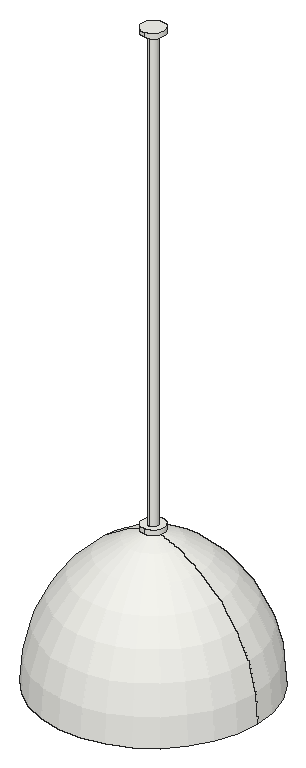
Revit family
Parameters (values of type "200 watts")
  ht = 1198 mm
  Wattage Comments = "200"
  Wattage = 200 W
  built-in parameter 1150110 = 1 (stored number, unit not read)
  built-in parameter 1114217 = 1 (stored number, unit not read)
  built-in parameter 1150109 = 1 (stored number, unit not read)
  built-in parameter 1150134 = 4
  built-in parameter 1150113 = 1 (stored number, unit not read)
  Material of Support = Support Material
  Material of Shade = Shade Material
  built-in parameter 1150105 = 763.94 (stored number, unit not read)
  Lumens = 2400 lm
  built-in parameter 1150115 = 1 (stored number, unit not read)
  Light Source Symbol Size = 609.6 mm
  built-in parameter 1150137 = (empty or 0)
  built-in parameter 1150139 = (empty or 0)
  built-in parameter 1150112 = 1 (stored number, unit not read)
  built-in parameter 1150114 = 1 (stored number, unit not read)
  built-in parameter 1150132 = (empty or 0)
  built-in parameter 1150102 = (empty or 0)
  built-in parameter 1150107 = 2800 (stored number, unit not read)
  built-in parameter 1150138 = (empty or 0)
  built-in parameter 1150106 = 7.6394 (stored number, unit not read)
  built-in parameter 1150104 = 1.1148 (stored number, unit not read)
  Dimming Lamp Color Temperature Shift = (empty or 0)
  Color Filter = 16777215
  built-in parameter 1114218 = 1 (stored number, unit not read)
  built-in parameter 1150133 = 10 (stored number, unit not read)
Types (2, lengths in mm): name | Wattage Comments | Wattage | built-in parameter 1150105 | Lumens | built-in parameter 1150106
  200 watts | "200" | 200 W | 763.94 (stored number, unit not read) | 2400 lm | 7.6394 (stored number, unit not read)
  400 watts | "400" | 400 W | 1527.9 (stored number, unit not read) | 4800 lm | 15.279 (stored number, unit not read)
Reference planes
  plane 1 "Light Source Axis (F/B)": y = 0
  plane 2: z = 0
  plane 3 "Light Source Axis (L/R)": x = 0
  plane 4 "Ceiling": z = 4000
  plane 5 "Light Source Elevation": z = 2800
  plane 6: z = 3998
  plane 7: z = 3988
  plane 8: z = 2960
  plane 9: z = 2640
  plane 10: z = 2970
Forms (mm)
  Extrusion 1, solid, material "Support Material" <- "Material of Support"
    sketch origin (0, 0, 4000) x (0, 1, 0) y (-1, 0, 0)
      loop
        circle (0, 0) r 25
    from -12 to -2
  Extrusion 2, solid, material "Support Material" <- "Material of Support"
    sketch origin (0, 0, 4000) x (0, 1, 0) y (-1, 0, 0)
      loop
        circle (0, 0) r 25
    from -1040 to -1030
  Extrusion 3, solid, material "Support Material" <- "Material of Support"
    sketch origin (0, 0, 4000) x (0, 1, 0) y (-1, 0, 0)
      loop
        circle (0, 0) r 10
    from -1030 to -12
  Revolve 4, solid, material "Shade Material" <- "Material of Shade"
    sketch origin (0, 0, 0) x (1, 0, 0) y (0, 0, 1)
      loop
        arc (0, 2960) -> (-176.168, 2841.897) -> (-241.137, 2640) r 323.074
        line (-241.137, 2640) -> (-231.135, 2640)
        arc (-231.135, 2640) -> (-169.037, 2834.738) -> (0, 2949.651) r 313.074
        line (0, 2949.651) -> (0, 2960)
      axis (0, 2640) -> (0, 2960)
    angle from 0 to 360
Lines and regions (mm)
  sketch lines
    curve 1: line (-2000, 2000, 0) -> (2000, 2000, 0)
    curve 2: line (-2000, 2000, 0) -> (-2000, -2000, 0)
    curve 3: line (-2000, -2000, 0) -> (2000, -2000, 0)
    curve 4: line (2000, 2000, 0) -> (2000, -2000, 0)
Dimensions and locks
  equal spacing: curve 2, plane 3 "Light Source Axis (L/R)", curve 4
  equal spacing: curve 3, plane 1 "Light Source Axis (F/B)", curve 1
  curve 2 to curve 4 = 4000 mm
  curve 3 to curve 1 = 4000 mm
  locked: plane 4 "Ceiling" to host ceiling at 0
  locked: plane 6 to plane 4 "Ceiling" at 2
  locked: plane 7 to plane 6 at 10
  "ht": plane 5 "Light Source Elevation" to plane 6
  locked: plane 8 to plane 10 at 10
  locked: plane 5 "Light Source Elevation" to plane 8 at 160
  locked: plane 9 to plane 5 "Light Source Elevation" at 160
  aligned and locked: Extrusion 1 to plane 7
  aligned and locked: plane 6 to Extrusion 1
  aligned and locked: Extrusion 2 to plane 8
  aligned and locked: plane 10 to Extrusion 2
  aligned and locked: Extrusion 3 to plane 10
  aligned and locked: plane 7 to Extrusion 3
  aligned and locked: Extrusion 2 to Revolve 4 sketch curve
  aligned and locked: plane 9 to Revolve 4 sketch curve
  aligned and locked: plane 3 "Light Source Axis (L/R)" to imposter light
  aligned and locked: plane 1 "Light Source Axis (F/B)" to imposter light
  aligned and locked: plane 5 "Light Source Elevation" to imposter light
Automatic sketch dimensions
  Extrusion 1 sketch curve to plane 1 "Light Source Axis (F/B)" = 0 mm
  Extrusion 1 sketch curve to plane 3 "Light Source Axis (L/R)" = 0 mm
  Extrusion 2 sketch curve to plane 1 "Light Source Axis (F/B)" = 0 mm
  Extrusion 2 sketch curve to plane 3 "Light Source Axis (L/R)" = 0 mm
  Extrusion 3 sketch curve to plane 1 "Light Source Axis (F/B)" = 0 mm
  Extrusion 3 sketch curve to plane 3 "Light Source Axis (L/R)" = 0 mm
  Revolve 4 sketch curve to plane 3 "Light Source Axis (L/R)" = 0 mm  (x2)
  Revolve 4 sketch curve to plane 3 "Light Source Axis (L/R)" = 231.135 mm
  plane 9 to Revolve 4 sketch curve = 7.466 mm
  Revolve 4 sketch curve to plane 9 = 110 mm
  plane 10 to Revolve 4 sketch curve = 40 mm
  Revolve 4 sketch curve to plane 8 = 10.349 mm
  Revolve 4 sketch curve to Revolve 4 sketch curve = 0 mm  (x2)
  radius of Extrusion 1 sketch curve = 25 mm
  radius of Extrusion 2 sketch curve = 25 mm
  radius of Extrusion 3 sketch curve = 10 mm
